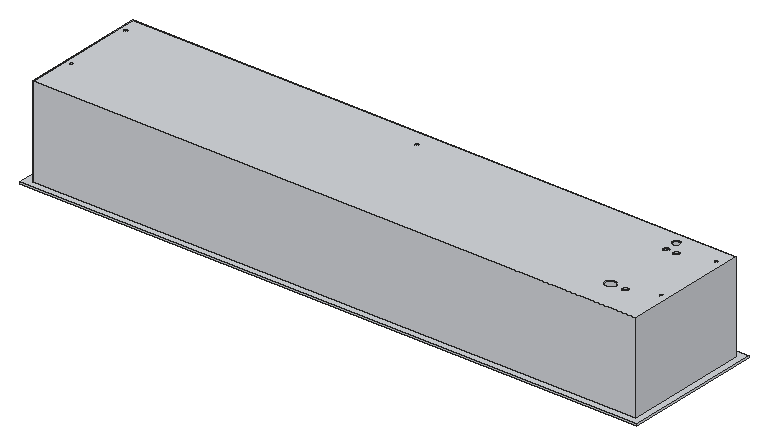
Revit family "HP DXE R2000", category Mechanical Equipment, host Ceiling, Revit 2015
Parameters (values of type "HP DXE 2000R MR SLIM AC")
  width = 539 mm
  length = 2393 mm
  half width = width / 2  # 269.5 mm
  half length = length / 2  # 1196.5 mm
  Weight/Mass = "93kg"
  Version = "1.0"
  VRF system index size = "n/a"
  URL = "http://www.thermoscreens.com/"
  Temperture classification = "Low temperature"
  Status of air curtain = "Brand new"
  Rated electrical  power input (kW) = "0.4"
  Rated current (A) = "1.6"
  Product URL = "http://www.thermoscreens.com/our-air-curtain-range/heat-pump-air-curtains-hp-dxe"
  Number of hanging points = "5"
  Noise level @ 3m medium = "53"
  Noise level @ 3m low = "46"
  Noise level @ 3m high = "58"
  Model = "HP DXE 2000R VRF"
  Meathordf of measurement = "mm unless stated otherwise in the parameters"
  Maxium likely condensate flow rate (litres/hours) = "9.0"
  Maximum air vloume flow rate (m3/H) = "2590"
  Max.DX heat output = "15.7 with P140 unit"
  Max. cooling output (kW) = "14.0"
  Max heat output (kW) = "15.7"
  Material = "Sheet steel"
  Manufacturer = "Thermoscreens ltd"
  ISO 27327 uniformity at outlet = "90%"
  Filters = "n/a"
  Fans = "AC fans"
  Electrical loading (A) = "1.4 or (14.4)*"
  Effective width of air stream = "2270"
  Created by = "Thermoscreens ltd"
  Colour = "white standed RAL 9010 unless customer requests a different colour"
  Air volume@(m3/h) medium = "2120"
  Air volume@(m3/h) low = "1500"
  Air volume@(m3/h) high = "2560"
Types (4, lengths in mm): name | Maximum air vloume flow rate (m3/H) | Max. cooling output (kW) | Max heat output (kW) | Fans
  HP DXE 2000R VRF EC | "3200" | "14.1" | "15.8" | "AC fans"
  HP DXE 2000R VRF AC | "2590" | "14.0" | "15.7" | "EC fans"
  HP DXE 2000R MR SLIM AC | "2590" | "14.0" | "15.7" | "AC fans"
  HP DXE 2000R MR SLIM EC | "3200" | "14.1" | "15.8" | "AC fans"
Reference planes
  plane 1 "Center (Front/Back)": y = 0
  plane 2: z = 0
  plane 3 "Center (Left/Right)": x = 0
  plane 4 "Ceiling": z = 4000
Forms (mm)
  Extrusion 1, solid
    sketch origin (0, 0, 4000) x (0, 1, 0) y (-1, 0, 0)
      loop
        line (269.5, 1196.5) -> (-269.5, 1196.5) -> (-269.5, -1196.5) -> (269.5, -1196.5) -> (269.5, 1196.5)
    from 0 to -6
  Extrusion 2, solid
    sketch origin (0, 0, 4000) x (0, 1, 0) y (-1, 0, 0)
      loop
        line (242.5, 1170) -> (241.6, 1170) -> (241.6, -1170) -> (242.5, -1170) -> (242.5, 1170)
    from 0 to 348
  Extrusion 3, solid
    sketch origin (0, 0, 4000) x (0, 1, 0) y (-1, 0, 0)
      loop
        line (-242.5, 1170) -> (-242.5, 1169.1) -> (242.5, 1169.1) -> (242.5, 1170) -> (-242.5, 1170)
    from 0 to 348
  Extrusion 4, solid
    sketch origin (0, 0, 4000) x (0, 1, 0) y (-1, 0, 0)
      loop
        line (-242.5, 1170) -> (-242.5, -1170) -> (-241.6, -1170) -> (-241.6, 1170) -> (-242.5, 1170)
    from 0 to 348
  Extrusion 5, solid
    sketch origin (0, 0, 4000) x (0, 1, 0) y (-1, 0, 0)
      loop
        line (-242.5, -1170) -> (242.5, -1170) -> (242.5, -1169.1) -> (-242.5, -1169.1) -> (-242.5, -1170)
    from 0 to 348
  Extrusion 6, solid
    sketch origin (0, 0, 4348) x (0, 1, 0) y (-1, 0, 0)
      loop
        line (-242.5, 1170) -> (-242.5, -1170) -> (242.5, -1170) -> (242.5, 1170) -> (-242.5, 1170)
    from 0 to 0.9
  Extrusion 7, void
    sketch origin (0, 0, 4348.9) x (-1, 0, 0) y (0, 1, 0)
      loop
        circle (1145, 177.5) r 5
      loop
        circle (-1145, 177.5) r 5
      loop
        circle (-1145, -87.5) r 5
      loop
        circle (1145, -87.5) r 5
      loop
        circle (-979, 192.5) r 15
      loop
        circle (-979, 142.5) r 10
      loop
        circle (-1019, 142.5) r 10
      loop
        arc (-998.375, -122.539) -> (-1003.336, -127.5) -> (-998.375, -132.461) r 4.961
        arc (-998.375, -132.461) -> (-959, -127.5) -> (-998.375, -122.539) r 20
      loop
        circle (-1037.121, -127.5) r 10
      loop
        circle (16, 177.5) r 5
    from 0 to 0.9
  Extrusion 8, solid
    sketch origin (0, 0, 3994) x (-1, 0, 0) y (0, 1, 0)
      loop
        line (-1166.5, -239.5) -> (1166.5, -239.5) -> (1166.5, -224.5) -> (-1166.5, -224.5) -> (-1166.5, -239.5)
      loop
        line (-1166.5, -204.5) -> (1166.5, -204.5) -> (1166.5, -189.5) -> (-1166.5, -189.5) -> (-1166.5, -204.5)
      loop
        line (1166.5, -169.5) -> (1166.5, -154.5) -> (-1166.5, -154.5) -> (-1166.5, -169.5) -> (1166.5, -169.5)
      loop
        line (1166.5, -134.5) -> (1166.5, -119.5) -> (-1166.5, -119.5) -> (-1166.5, -134.5) -> (1166.5, -134.5)
      loop
        line (1166.5, -79.5) -> (1166.5, -69.5) -> (-1166.5, -69.5) -> (-1166.5, -79.5) -> (1166.5, -79.5)
      loop
        line (1166.5, -59.5) -> (1166.5, -49.5) -> (-1166.5, -49.5) -> (-1166.5, -59.5) -> (1166.5, -59.5)
      loop
        line (1166.5, -39.5) -> (1166.5, -29.5) -> (-1166.5, -29.5) -> (-1166.5, -39.5) -> (1166.5, -39.5)
      loop
        line (1166.5, -19.5) -> (1166.5, -9.5) -> (-1166.5, -9.5) -> (-1166.5, -19.5) -> (1166.5, -19.5)
      loop
        line (1166.5, 0.5) -> (1166.5, 10.5) -> (-1166.5, 10.5) -> (-1166.5, 0.5) -> (1166.5, 0.5)
      loop
        line (1166.5, -89.5) -> (-1166.5, -89.5) -> (-1166.5, -99.5) -> (1166.5, -99.5) -> (1166.5, -89.5)
      loop
        line (1166.5, 100.5) -> (1166.5, 110.5) -> (-1166.5, 110.5) -> (-1166.5, 100.5) -> (1166.5, 100.5)
      loop
        line (-1166.5, 90.5) -> (-1166.5, 80.5) -> (1166.5, 80.5) -> (1166.5, 90.5) -> (-1166.5, 90.5)
      loop
        line (1166.5, 70.5) -> (-1166.5, 70.5) -> (-1166.5, 60.5) -> (1166.5, 60.5) -> (1166.5, 70.5)
      loop
        line (1166.5, 50.5) -> (-1166.5, 50.5) -> (-1166.5, 40.5) -> (1166.5, 40.5) -> (1166.5, 50.5)
      loop
        line (1166.5, 30.5) -> (-1166.5, 30.5) -> (-1166.5, 20.5) -> (1166.5, 20.5) -> (1166.5, 30.5)
      loop
        line (1166.5, 140.5) -> (1166.5, 150.5) -> (-1166.5, 150.5) -> (-1166.5, 140.5) -> (1166.5, 140.5)
      loop
        line (1166.5, 130.5) -> (-1166.5, 130.5) -> (-1166.5, 120.5) -> (1166.5, 120.5) -> (1166.5, 130.5)
      loop
        line (1166.5, 160.5) -> (1166.5, 170.5) -> (-1166.5, 170.5) -> (-1166.5, 160.5) -> (1166.5, 160.5)
      loop
        line (1166.5, 180.5) -> (1166.5, 190.5) -> (-1166.5, 190.5) -> (-1166.5, 180.5) -> (1166.5, 180.5)
      loop
        line (1166.5, 200.5) -> (1166.5, 210.5) -> (-1166.5, 210.5) -> (-1166.5, 200.5) -> (1166.5, 200.5)
      loop
        line (1166.5, 220.5) -> (1166.5, 230.5) -> (-1166.5, 230.5) -> (-1166.5, 220.5) -> (1166.5, 220.5)
    from 0 to 0.9
Cuts and joins
  Extrusion 7 cuts Extrusion 2
  Extrusion 7 cuts Extrusion 3
  Extrusion 7 cuts Extrusion 4
  Extrusion 7 cuts Extrusion 5
  Extrusion 7 cuts Extrusion 6
  joined: Extrusion 2, Extrusion 3, Extrusion 4, Extrusion 5, Extrusion 6
Dimensions and locks
  equal spacing: host sketch curve, plane 3 "Center (Left/Right)", host sketch curve
  equal spacing: host sketch curve, plane 1 "Center (Front/Back)", host sketch curve
  host sketch curve to host sketch curve = 4000 mm  (x2)
  locked: plane 4 "Ceiling" to host ceiling at 0
  "half length": Extrusion 1 sketch curve to plane 3 "Center (Left/Right)"
  "length": Extrusion 1 sketch curve to Extrusion 1 sketch curve
  "half width": plane 1 "Center (Front/Back)" to Extrusion 1 sketch curve
  "width": Extrusion 1 sketch curve to Extrusion 1 sketch curve
Automatic sketch dimensions
  Extrusion 2 sketch curve to Extrusion 1 = 27.9 mm
  Extrusion 2 sketch curve to Extrusion 1 = 26.5 mm  (x2)
  Extrusion 2 sketch curve to Extrusion 2 sketch curve = 0.9 mm
  Extrusion 3 sketch curve to Extrusion 1 = 27 mm  (x2)
  Extrusion 3 sketch curve to Extrusion 3 sketch curve = 0.9 mm
  Extrusion 3 sketch curve to Extrusion 1 = 27.4 mm
  Extrusion 4 sketch curve to Extrusion 1 = 27 mm
  Extrusion 4 sketch curve to Extrusion 4 sketch curve = 0.9 mm
  Extrusion 4 sketch curve to Extrusion 1 = 26.5 mm  (x2)
  Extrusion 5 sketch curve to Extrusion 1 = 27 mm  (x2)
  Extrusion 5 sketch curve to Extrusion 1 = 26.5 mm
  Extrusion 5 sketch curve to Extrusion 5 sketch curve = 0.9 mm
  Extrusion 6 sketch curve to Extrusion 4 = 0 mm  (x2)
  Extrusion 4 to Extrusion 6 sketch curve = 0 mm
  Extrusion 4 to Extrusion 6 sketch curve = 484.1 mm
  Extrusion 1 to Extrusion 8 sketch curve = 30 mm  (x8)
  Extrusion 8 sketch curve to Extrusion 8 sketch curve = 0 mm  (x34)
  Extrusion 1 to Extrusion 8 sketch curve = 39 mm
  Extrusion 8 sketch curve to Extrusion 8 sketch curve = 10 mm  (x33)
  Extrusion 8 sketch curve to Extrusion 8 sketch curve = 20 mm  (x4)
  Extrusion 8 sketch curve to Extrusion 8 sketch curve = 15 mm  (x4)
  Extrusion 7 sketch curve to Extrusion 6 = 25 mm  (x4)
  Extrusion 7 sketch curve to Extrusion 7 sketch curve = 107.879 mm
  Extrusion 7 sketch curve to Extrusion 7 sketch curve = 126 mm
  Extrusion 7 sketch curve to Extrusion 7 sketch curve = 38.746 mm
  Extrusion 7 sketch curve to Extrusion 7 sketch curve = 40 mm
  Extrusion 7 sketch curve to Extrusion 7 sketch curve = 0 mm  (x3)
  Extrusion 7 sketch curve to Extrusion 7 sketch curve = 19.375 mm
  Extrusion 7 sketch curve to Extrusion 6 = 65 mm  (x3)
  Extrusion 7 sketch curve to Extrusion 6 = 50 mm
  Extrusion 7 sketch curve to Extrusion 7 sketch curve = 50 mm
  Extrusion 7 sketch curve to Extrusion 6 = 155 mm  (x2)
  Extrusion 7 sketch curve to Extrusion 6 = 115 mm
  Extrusion 7 sketch curve to Extrusion 7 sketch curve = 4.961 mm
  Extrusion 7 sketch curve to Extrusion 7 sketch curve = 995 mm
  radius of Extrusion 7 sketch curve = 5 mm  (x5)
  radius of Extrusion 7 sketch curve = 15 mm
  radius of Extrusion 7 sketch curve = 10 mm  (x3)
